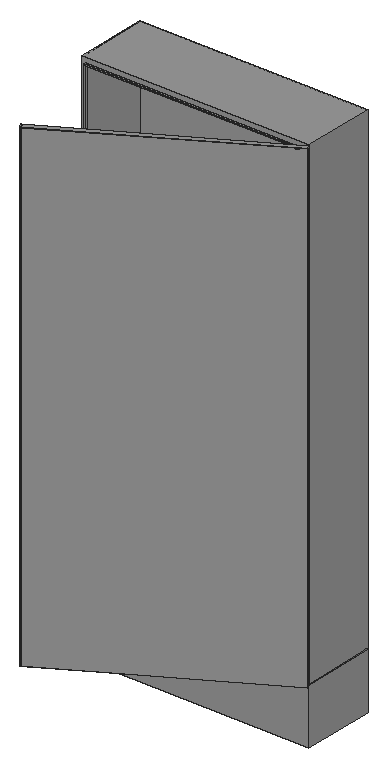
Revit family "Hager-Univers-IP55-D275-H1900-Cl.I-Steel_encl-NoHosted-CH-it", category Electrical Equipment, Revit 2020
Family settings
  Panel Configuration = Two Columns, Circuits Across
  Round Connector Dimension = Use Diameter
  Part Type = Panelboard
  Work Plane-Based = Yes
  Always vertical = Yes
  Cut with Voids When Loaded = No
  Shared = No
  Room Calculation Point = No
Parameters (values of type "montaggio a pavimento IP55 L800 A1900 P275  - FR13E2")
  Width Control [instance] = if([EF000008 - Larghezza] > Min Width, [EF000008 - Larghezza], Min Width)  # 800 mm
  Type Comments = [HG000003 - Gamma]  # "Univers"
  Thickness Door [instance] = if([EF009171 - spessore materiale porta/coperchio] > 3 mm, 3 mm, [EF009171 - spessore materiale porta/coperchio])  # 1.5 mm
  Seal Frame Offset [instance] = 17 mm  # constant formula
  Plinth Visibility [instance] = [HG000027 - Altezza dello zoccolo] > 0 mm  # yes
  Min Width [instance] = 100 mm  # constant formula
  Min Depth [instance] = (2 * [EF009170 - spessore materiale scatola]) + 1 mm  # 4 mm
  Min Height [instance] = 100 mm  # constant formula
  Internal Frame Depth [instance] = (Door System Depth * 0.5)  # 9 mm
  Panel Name [instance] = ""  # (empty or 0)
  Model = ""
  HG000027 - Altezza dello zoccolo = 200 mm
  HG000026 - A pavimento = yes
  HG000024 - Altezza della sezione inferiore = 600 mm
  HG000023 - Custodia a doppia sezione = no
  HG000016 - Visibilità delle porte nella vista 3D [instance] = yes
  HG000015 - Visibilità attraverso la porta [instance] = no
  HG000014 - Porta destra [instance] = yes
  HG000013 - Porta sinistra [instance] = not([HG000014 - Porta destra])  # no
  HG000012 - Angolo di apertura della porta [instance] = 30.00°
  HG000010 - Porte asimmetriche = no
  HG000009 - Porta doppia a battente = no
  HG000006 - Ad incasso = no
  HG000004 - Codice produttore = "FR13E2"
  HG000003 - Gamma = "Univers"
  HG000002 - Con porta = yes
  Frame Offset Bottom [instance] = 10 mm  # constant formula
  Frame Offset [instance] = 15 mm  # constant formula
  EF015940 - Coprire con rilascio di sovrapressione = no
  EF011959 - tipo di protezione (NEMA) = ""
  EF009554 - numero delle aperture per la piastra della flangia = 6
  EF009212 - esecuzione coperchio = "EV000116 - chiuso"
  EF009171 - spessore materiale porta/coperchio = 1.5 mm
  EF009170 - spessore materiale scatola = 1.5 mm
  EF008873 - corrente nominale (In) = 800 A
  EF007800 - adatto per parafulmine = no
  EF006306 - con serratura = no
  EF006244 - coperchio/porta trasparente = no
  EF005474 - grado di protezione (IP) = "EV006420 - IP55"
  EF004464 - tipo di porta = "EV002646 - singolo"
  EF004427 - numero di moduli = 396
  EF004293 - resistenza agli urti = "EV008784 - IK10"
  EF003532 - adatto per uso esterno = no
  EF002950 - Numero moduli DIN = 24
  EF001613 - Integrità del circuito = "EV000494 - senza"
  EF001596 - Attacco Lampada = "EV000179 - acciaio"
  EF001131 - profondità interna = 275 mm
  EF001088 - possibilità di applicazione = yes
  EF000437 - numero di ingressi per conduttori = 6
  EF000339 - tipo di copertura = "EV004216 - porta"
  EF000266 - numero di file = 11
  EF000218 - profondità di incasso = 0 mm
  EF000118 - con piastra di montaggio = no
  EF000116 - numero RAL = "7035"
  EF000049 - profondità = 275 mm
  EF000040 - Altezza = 1900 mm
  EF000008 - Larghezza = 800 mm
  EF000007 - colore = "EV000270 - grigio"
  EF000003 - Tipo di montaggio = "EV012274 - montaggio a pavimento"
  Door System Leaf Tolerance [instance] = 1.5 mm  # constant formula
  Door System Depth [instance] = 18 mm  # constant formula
  Door Height [instance] = Height Control - [HG000027 - Altezza dello zoccolo]  # 1700 mm
  Description = ""
  Default Elevation = 1219.2 mm
  Connector Offset [instance] = Height Control / 2  # 950 mm
  Manufacturer = "Hager"  # constant formula
  Height Control [instance] = if([EF000040 - Altezza] > Min Height, [EF000040 - Altezza], Min Height)  # 1900 mm
  Depth Control [instance] = if([EF000049 - profondità] > Min Depth, [EF000049 - profondità], Min Depth)  # 275 mm
  Bottom Top Plate Trim [instance] = 1.5 mm  # constant formula
  Plinth height Ctrl [instance] = if([HG000027 - Altezza dello zoccolo] > 0 mm, [HG000027 - Altezza dello zoccolo], 12 mm)  # 200 mm
Types (5, lengths in mm): name | Width Control | HG000010 - Porte asimmetriche | HG000009 - Porta doppia a battente | HG000004 - Codice produttore | EF009554 - numero delle aperture per la piastra della flangia | EF004464 - tipo di porta | EF004427 - numero di moduli | EF000437 - numero di ingressi per conduttori | EF000008 - Larghezza
  montaggio a pavimento IP55 L1050 A1900 P275  - FR14E2 | 1050 | yes | yes | "FR14E2" | 8 | "EV003602 - doppio" | 528 | 8 | 1050
  montaggio a pavimento IP55 L1300 A1900 P275  - FR15E2 | 1300 | yes | yes | "FR15E2" | 10 | "EV003602 - doppio" | 660 | 10 | 1300
  montaggio a pavimento IP55 L300 A1900 P275  - FR11E2 | 300 | no | no | "FR11E2" | 2 | "EV002646 - singolo" | 132 | 2 | 300
  montaggio a pavimento IP55 L550 A1900 P275  - FR12E2 | 550 | no | no | "FR12E2" | 4 | "EV002646 - singolo" | 264 | 4 | 550
  montaggio a pavimento IP55 L800 A1900 P275  - FR13E2 | 800 | no | no | "FR13E2" | 6 | "EV002646 - singolo" | 396 | 6 | 800
Reference planes
  plane 1 "Center (Front/Back)": y = 0
  plane 2: z = 0
  plane 3 "Center (Left/Right)": x = 0
  plane 4: y = 0
  plane 5: y = 0
  plane 6: z = 0
  plane 7: x = -400
  plane 8: x = 400
  plane 9: x = 398.5
  plane 10: x = -398.5
  plane 11: z = 200
  plane 12: z = 201.5
  plane 13: y = -275
  plane 14: y = -1.5
  plane 15: x = 0
  plane 16: y = -257
  plane 17: y = -273.5
  plane 18: y = -255.5
  plane 19: x = -383.5
  plane 20: x = 383.5
  plane 21: z = 211.5
  plane 22: x = -383
  plane 23: x = 383
  plane 24: z = 200
  plane 25: z = 1900
  plane 26: z = 1900
  plane 27: z = 1883.5
  plane 28: z = 1898.5
Forms (mm)
  Extrusion 1, solid, material "Hager_Steel_RAL7035_Light_Grey", detail levels medium+fine
    sketch origin (-208.679, -4572, 200) x (-1, 0, 0) y (0, -1, 0)
      loop
        line (191.321, -4315) -> (-608.679, -4315) -> (-608.679, -4572) -> (191.321, -4572) -> (191.321, -4315)
    from 0 to 1700
  Extrusion 2, void
    sketch origin (-350.771, -275, 1219.2) x (1, 0, 0) y (0, 0, 1)
      loop
        line (-47.729, 679.3) -> (-47.729, -1017.7) -> (749.271, -1017.7) -> (749.271, 679.3) -> (-47.729, 679.3)
    from -19.5 to -273.5
  Extrusion 3, void
    sketch origin (-290.084, -257, 1219.2) x (1, 0, 0) y (0, 0, 1)
      loop
        line (-93.416, -1007.7) -> (673.584, -1007.7) -> (673.584, 664.3) -> (-93.416, 664.3) -> (-93.416, -1007.7)
    from 0 to -1.5
  Extrusion 4, solid, material "Hager_Steel_RAL7035_Light_Grey", visible <- "Plinth Visibility", detail levels medium+fine
    sketch origin (0, 0, 0) x (1, 0, 0) y (0, 1, 0)
      loop
        line (-400, 0) -> (-400, -257) -> (400, -257) -> (400, 0) -> (-400, 0)
    from 0 to 200 <- "Plinth height Ctrl"
  Extrusion 5, solid, material "Hager_Steel_RAL7035_Light_Grey", detail levels coarse
    sketch origin (0, 0, 0) x (1, 0, 0) y (0, 1, 0)
      loop
        line (-400, 0) -> (-400, -275) -> (400, -275) -> (400, 0) -> (-400, 0)
    from 0 to 1900 <- "Height Control"
  Sweep 6, void
    path in 3D
      loop
        line (-400, -257, 200) -> (400, -257, 200) -> (400, 0, 200) -> (-400, 0, 200) -> (-400, -257, 200)
    profile origin (-400, -128.5, 200) x (1, 0, 0) y (0, 0, 1)
      loop
        line (0, 0) -> (0, -1.5) -> (1.5, -1.5)
        arc (1.5, -1.5) -> (1.061, -0.439) -> (0, 0) r 1.5
  Extrusion 7, solid, material "Hager_Steel_RAL7035_Light_Grey", detail levels fine
    sketch origin (-400, -257, 200) x (1, 0, 0) y (0, 0, 1)
      loop
        line (16.5, 11.5) -> (783.5, 11.5) -> (783.5, 1683.5) -> (16.5, 1683.5) -> (16.5, 11.5)
      loop
        line (15, 10) -> (785, 10) -> (785, 1685) -> (15, 1685) -> (15, 10)
    from 0 to 9 <- "Internal Frame Depth"
Cuts and joins
  Extrusion 2, Extrusion 3 cuts Extrusion 1
  Sweep 6 cuts Extrusion 4
Lines and regions (mm)
  Masking region 1
    outline origin (0, 0, 0) x (1, 0, 0) y (0, 1, 0)
      loop
        line (-400, 0) -> (-400, -275) -> (400, -275) -> (400, 0) -> (-400, 0)
  Masking region 2, detail levels coarse
    outline origin (-290.084, -257, 1219.2) x (-1, 0, 0) y (0, 0, 1)
      loop
        line (-690.084, -1219.2) -> (109.916, -1219.2) -> (109.916, 680.8) -> (-690.084, 680.8) -> (-690.084, -1219.2)
  Masking region 3, detail levels coarse
    outline origin (0, 0, 0) x (0, 1, 0) y (0, 0, 1)
      loop
        line (0, 0) -> (0, 1900) -> (-275, 1900) -> (-275, 0) -> (0, 0)
  Masking region 4, visible <- "Plinth Visibility", detail levels medium+fine
    outline origin (0, 0, 0) x (0, 1, 0) y (0, 0, 1)
      loop
        line (-1.5, 200) -> (-255.5, 200)
        arc (-255.5, 200) -> (-255.939, 198.939) -> (-257, 198.5) r 1.5
        line (-257, 198.5) -> (-257, 0) -> (0, 0) -> (0, 198.5)
        arc (0, 198.5) -> (-1.061, 198.939) -> (-1.5, 200) r 1.5
  Masking region 5, detail levels medium+fine
    outline origin (0, 0, 594.038) x (0, 1, 0) y (0, 0, 1)
      loop
        line (0, -394.038) -> (0, 1305.962) -> (-257, 1305.962) -> (-257, -394.038) -> (0, -394.038)
  Masking region 6, detail levels medium+fine
    outline origin (-359.7, -257, 1211.883) x (-1, 0, 0) y (0, 0, 1)
      loop
        line (-759.7, -1011.883) -> (40.3, -1011.883) -> (40.3, 688.117) -> (-759.7, 688.117) -> (-759.7, -1011.883)
  Masking region 7, visible <- "Plinth Visibility", detail levels medium+fine
    outline origin (-320.334, -257, 1041.368) x (-1, 0, 0) y (0, 0, 1)
      loop
        line (-720.334, -1041.368) -> (79.666, -1041.368) -> (79.666, -842.868)
        arc (79.666, -842.868) -> (78.606, -842.429) -> (78.166, -841.368) r 1.5
        line (78.166, -841.368) -> (-718.834, -841.368)
        arc (-718.834, -841.368) -> (-719.273, -842.429) -> (-720.334, -842.868) r 1.5
        line (-720.334, -842.868) -> (-720.334, -1041.368)
  sketch lines
    curve 1: line (-400, 0, 200) -> (-400, -257, 200)
    curve 2: line (-400, -257, 200) -> (400, -257, 200)
    curve 3: line (400, 0, 200) -> (-400, 0, 200)
    curve 4: line (400, -257, 200) -> (400, 0, 200)
Dimensions and locks
  locked: plane 1 "Center (Front/Back)" to plane 5
  "EF009170 - spessore materiale scatola": plane 7 to plane 10
  "EF009170 - spessore materiale scatola": plane 8 to plane 9
  equal spacing: plane 7, plane 3 "Center (Left/Right)", plane 8
  "Width Control": plane 7 to plane 8
  "Depth Control": plane 4 to plane 13
  "EF009170 - spessore materiale scatola": plane 4 to plane 14
  "Height Control": plane 25 to level
  "HG000027 - Altezza dello zoccolo": plane 11 to level
  "EF009170 - spessore materiale scatola": plane 12 to plane 11
  "EF009170 - spessore materiale scatola": plane 17 to plane 13
  "EF009170 - spessore materiale scatola": plane 18 to plane 16
  "Frame Offset Bottom": plane 21 to plane 12
  "Frame Offset": plane 10 to plane 19
  "Frame Offset": plane 9 to plane 20
  "Door System Depth": plane 16 to plane 13
  "Seal Frame Offset": plane 7 to plane 22
  "Seal Frame Offset": plane 8 to plane 23
  "EF009170 - spessore materiale scatola": plane 26 to plane 28
  "Frame Offset": plane 28 to plane 27
  "Connector Offset": plane 2 to connector elem
  "Bottom Top Plate Trim": profile plane to Sweep 6 sketch curve
  "Bottom Top Plate Trim": Sweep 6 sketch curve to Sweep 6 sketch curve
  "Plinth height Ctrl": Masking region 4 sketch curve to level
  "Plinth height Ctrl": Masking region 7 sketch curve to level
  "Thickness Door": Extrusion 7 sketch curve to Extrusion 7 sketch curve  (x4)
  "Bottom Top Plate Trim": radius of Sweep 6 sketch curve
  "Bottom Top Plate Trim": radius of Masking region 4 sketch curve  (x2)
  "Bottom Top Plate Trim": radius of Masking region 7 sketch curve  (x2)
  aligned and locked: Extrusion 2 sketch curve to plane 12
  aligned and locked: Extrusion 2 sketch curve to plane 9
  aligned and locked: Extrusion 2 sketch curve to plane 10
  aligned and locked: Extrusion 2 to plane 14
  aligned and locked: Extrusion 1 sketch curve to plane 4
  aligned and locked: plane 8 to Extrusion 1 sketch curve
  aligned and locked: plane 7 to Extrusion 1 sketch curve
  aligned and locked: Extrusion 2 to plane 18
  aligned and locked: Extrusion 3 sketch curve to plane 19
  aligned and locked: plane 20 to Extrusion 3 sketch curve
  aligned and locked: Extrusion 3 to Extrusion 2
  aligned and locked: Extrusion 3 sketch curve to plane 21
  aligned and locked: plane 3 "Center (Left/Right)" to nested 1
  aligned and locked: Extrusion 1 sketch curve to plane 16
  aligned and locked: Extrusion 4 sketch curve to cut or joined group of Extrusion 1, Extrusion 2, Extrusion 3
  aligned and locked: Masking region 1 sketch curve to plane 7
  aligned and locked: Masking region 1 sketch curve to plane 5
  aligned and locked: Masking region 1 sketch curve to plane 8
  aligned and locked: Masking region 2 sketch curve to level
  aligned and locked: level to Masking region 3 sketch curve
  aligned and locked: plane 1 "Center (Front/Back)" to Masking region 3 sketch curve
  aligned and locked: plane 13 to Masking region 3 sketch curve
  aligned and locked: plane 5 to Masking region 4 sketch curve
  aligned and locked: Masking region 2 sketch curve to plane 8
  aligned and locked: Masking region 2 sketch curve to plane 7
  aligned and locked: plane 7 to nested 2
  aligned and locked: nested 2 to plane 5
  aligned and locked: plane 5 to Masking region 5 sketch curve
  aligned and locked: plane 26 to Masking region 5 sketch curve
  aligned and locked: Extrusion 5 sketch curve to plane 8
  aligned and locked: Extrusion 5 sketch curve to plane 7
  aligned and locked: Extrusion 5 sketch curve to plane 5
  aligned and locked: Extrusion 3 sketch curve to plane 27
  aligned and locked: Extrusion 2 sketch curve to plane 28
  aligned and locked: Masking region 2 to plane 25
  aligned and locked: Extrusion 4 to plane 16
  aligned and locked: profile plane to Sweep 6 sketch curve
  aligned and locked: Masking region 5 sketch curve to plane 24
  aligned and locked: level to Masking region 4 sketch curve
  aligned and locked: Masking region 1 to plane 13
  aligned and locked: nested 1 to plane 16
  aligned and locked: Masking region 3 to plane 25
  aligned and locked: plane 16 to Masking region 4 sketch curve
  aligned and locked: Masking region 5 sketch curve to plane 16
  aligned and locked: plane 24 to plane 11
  aligned and locked: plane 26 to plane 25
  aligned and locked: plane 26 to cut or joined group of Extrusion 1, Extrusion 2, Extrusion 3
  aligned and locked: nested 1 to plane 24
  aligned and locked: Extrusion 1 to Extrusion 3
  aligned and locked: Masking region 6 sketch curve to plane 8
  aligned and locked: Masking region 6 sketch curve to plane 24
  aligned and locked: Masking region 6 sketch curve to plane 7
  aligned and locked: Masking region 6 sketch curve to plane 26
  aligned and locked: Masking region 7 sketch curve to plane 7
  aligned and locked: level to Masking region 7 sketch curve
  aligned and locked: Masking region 7 sketch curve to plane 8
  aligned and locked: Extrusion 7 sketch curve to cut or joined group of Extrusion 1, Extrusion 2, Extrusion 3  (x4)
Automatic sketch dimensions
  plane 19 to Extrusion 3 sketch curve = 0 mm
  Extrusion 3 sketch curve to plane 20 = 0 mm
  Extrusion 3 sketch curve to plane 21 = 0 mm
  Extrusion 4 sketch curve to plane 7 = 0 mm
  Extrusion 4 sketch curve to plane 8 = 0 mm
  Extrusion 4 sketch curve to plane 16 = 0 mm
  Masking region 1 sketch curve to plane 13 = 0 mm
  Masking region 2 sketch curve to plane 25 = 0 mm
  Masking region 3 sketch curve to plane 25 = 0 mm
  Extrusion 5 sketch curve to plane 13 = 0 mm
  profile plane to Sweep 6 sketch curve = 0 mm
Nested families
  nested 1: "EC000058_Univers_Door" at (0, -257, 200), Double <- "HG000009 - Porta doppia a battente", Transparent <- "EF006244 - coperchio/porta trasparente", Angle <- "HG000012 - Angolo di apertura della porta", Door_Right <- "HG000014 - Porta destra", Assymetrical <- "HG000010 - Porte asimmetriche", Door <- "HG000002 - Con porta", Width_Ctrl <- "Width Control", 3d_Door <- "HG000016 - Visibilità delle porte nella vista 3D", Clearance <- "HG000015 - Visibilità attraverso la porta", Door_Left <- "HG000013 - Porta sinistra", Width <- "Width Control", Door_Depth <- "Door System Depth", Leaf_Tolerance <- "Door System Leaf Tolerance", Height <- "Door Height", Lock_Visibility <- "EF006306 - con serratura", Thickness <- "Thickness Door", type "EC000058_Univers_Door", detail levels medium+fine
    with min_wh 4 mm, Width_Ctrl 800 mm, Width 800 mm, Transparent no, Thickness 1.5 mm, Seal_Material Hager_Rubber, Lock_Visibility no, Lock_Material Hager_Plastic_RAL9005_Jet_Black, Leaf_Width 800 mm, Leaf_Tolerance_External_Sides 0 mm, Leaf_Tolerance 1.5 mm, Leaf_Offset 0 mm, Leaf_Height 1697 mm, Leaf_2_Width 800 mm, Leaf_2_Offset 400 mm, Leaf_1_Width 800 mm, Leaf_1_Offset 400 mm, Height_Ctrl 1700 mm, Height 1700 mm, Glass_Material Hager_Glass, Double_Clearance_Ctrl no, Double no, Door_Right_Ctrl yes, Door_Right yes, Door_Material Hager_Steel_RAL7035_Light_Grey, Door_Left_Ctrl no, Door_Left no, Door_Depth 18 mm, Door yes, Clearance_Material Hager_Clearance, Clearance_Depth 800 mm, Clearance_Ctrl no, Clearance no, Assymetrical no, Angle 30.00°, 3d_Door yes
  nested 2: "Hager_Enclosure_Symbol" at (-400, 0, 0), Height <- "Depth Control", Width <- "Width Control", type "Hager_Enclosure_Symbol"
    with Width_Ctrl 800 mm, Width 800 mm, Height_Ctrl 275 mm, Height 275 mm, A_Width_Int 18.047 mm, A_Width 216.562 mm, A_Height_Ctrl 240.625 mm, A_Height 240.625 mm
Connectors
  electrical at (0, 0, 950)
    settings: on plane 1 "Center (Front/Back)", index 1, voltage 0 V, apparent load 0 VA, apparent load phase1 0 VA, apparent load phase2 0 VA, apparent load phase3 0 VA, power factor 1, load classification "Other", number of poles 1, system type 30, power factor state 1, is connector primary yes, connector utility no, sub classification motor no, connector description ""
Definition of nested family "EC000058_Univers_Door"
  Parameters (values of type "EC000058_Univers_Door")
    min_wh [instance] = (2 * Thickness) + 1 mm  # 11 mm
    Width_Ctrl [instance] = 400 mm
    Width [instance] = 500 mm
    Transparent [instance] = yes
    Thickness [instance] = 5 mm
    Seal_Material [instance] = none
    Lock_Visibility [instance] = yes
    Lock_Material [instance] = none
    Leaf_Width [instance] = if((Width_Ctrl - 2 * Leaf_Tolerance_External_Sides) > 0 mm, (Width_Ctrl - 2 * Leaf_Tolerance_External_Sides), min_wh)  # 400 mm
    Leaf_Tolerance_External_Sides [instance] = 0 mm  # constant formula
    Leaf_Tolerance [instance] = 1.5 mm
    Leaf_Offset [instance] = 0 mm  # constant formula
    Leaf_Height [instance] = if((Height_Ctrl - 2 * Leaf_Tolerance) > 0 mm, (Height_Ctrl - 2 * Leaf_Tolerance), min_wh)  # 497 mm
    Leaf_2_Width [instance] = if(and(and(Double, Assymetrical), Door_Left), (Leaf_Width / 3) - (Leaf_Tolerance / 2), if(and(and(Double, Assymetrical), Door_Right), (Leaf_Width / 3) * 2 - (Leaf_Tolerance / 2), if(and(Double, not(Assymetrical)), (Leaf_Width / 2) - Leaf_Tolerance, Leaf_Width)))  # 400 mm
    Leaf_2_Offset [instance] = if(and(Double, Assymetrical), Leaf_2_Width / 2, if(and(Double, not(Assymetrical)), Leaf_Width / 4, Leaf_Width / 2))  # 200 mm
    Leaf_1_Width [instance] = if(and(and(Double, Assymetrical), Door_Right), (Leaf_Width / 3) - (Leaf_Tolerance / 2), if(and(and(Double, Assymetrical), Door_Left), (Width / 3) * 2 - (Leaf_Tolerance / 2), if(and(Double, not(Assymetrical)), (Leaf_Width / 2) - Leaf_Tolerance, Leaf_Width)))  # 400 mm
    Leaf_1_Offset [instance] = if(and(Double, Assymetrical), Leaf_1_Width / 2, if(and(Double, not(Assymetrical)), Leaf_Width / 4, Leaf_Width / 2))  # 200 mm
    Height_Ctrl [instance] = if(Height > min_wh, Height, min_wh)  # 500 mm
    Height [instance] = 500 mm
    Glass_Material [instance] = none
    Double_Clearance_Ctrl [instance] = and(Double, Clearance)  # no
    Double [instance] = no
    Door_Right_Ctrl [instance] = and(or(Door_Right, Double), Door)  # yes
    Door_Right [instance] = yes
    Door_Material [instance] = none
    Door_Left_Ctrl [instance] = and(or(Door_Left, Double), Door)  # no
    Door_Left [instance] = no
    Door_Depth [instance] = 30 mm
    Door [instance] = yes
    Default Elevation = 1219.2 mm
    Clearance_Material [instance] = none
    Clearance_Depth [instance] = if(Leaf_1_Width > Leaf_2_Width, Leaf_1_Width, Leaf_2_Width)  # 400 mm
    Clearance_Ctrl [instance] = and(not(Double), Clearance)  # yes
    Clearance [instance] = yes
    Assymetrical [instance] = yes
    Angle [instance] = 30.00°
    3d_Door [instance] = yes
  Reference planes
    plane 1 "Center (Front/Back)": y = 0
    plane 2 "Bottom": z = 0
    plane 3 "Center (Left/Right)": x = 0
    plane 4: z = 500
    plane 5: x = -200
    plane 6: x = 200
    plane 7: z = 500
    plane 8: x = -200
    plane 9: z = 0
    plane 10: x = 200
    plane 11: y = 0
    plane 12: z = 1.5
    plane 13: x = -600
    plane 14: y = -400
    plane 15: x = 600
    plane 16: x = 0
    plane 17: x = 0
    plane 18: x = -200
    plane 19: x = 200
    plane 20: z = 498.5
  Forms (mm)
    Extrusion 1, solid, material <- "Clearance_Material", visible <- "Double_Clearance_Ctrl"
      sketch origin (1200, 0, 0) x (1, 0, 0) y (0, 0, -1)
        loop
          line (-1800, -498.5) -> (-600, -498.5) -> (-600, 0) -> (-1800, 0) -> (-1800, -498.5)
      from 0 to -400
  Dimensions and locks
    equal spacing: plane 5, plane 3 "Center (Left/Right)", plane 6
    "Width_Ctrl": plane 5 to plane 6
    "Leaf_Offset": plane 5 to plane 8
    "Leaf_Offset": plane 6 to plane 10
    "Leaf_Offset": plane 9 to level
    "Leaf_Offset": plane 4 to plane 7
    "Height_Ctrl": plane 4 to level
    "Leaf_Tolerance": plane 12 to plane 9
    locked: plane 11 to plane 1 "Center (Front/Back)"
    "Leaf_1_Offset": plane 18 to plane 16
    "Leaf_2_Offset": plane 17 to plane 19
    "Leaf_1_Width": plane 13 to plane 8
    "Leaf_2_Width": plane 10 to plane 15
    "Clearance_Depth": plane 14 to plane 1 "Center (Front/Back)"
    "Leaf_Tolerance_External_Sides": plane 8 to plane 18
    "Leaf_Tolerance_External_Sides": plane 19 to plane 10
    "Leaf_Tolerance": plane 7 to plane 20
    aligned and locked: level to plane 2 "Bottom"
    aligned and locked: nested 1 to plane 16
    aligned and locked: nested 2 to plane 17
    aligned and locked: Extrusion 1 to plane 13
    aligned and locked: plane 15 to Extrusion 1
    aligned and locked: Extrusion 1 to plane 14
    aligned and locked: plane 12 to nested 1
    aligned and locked: nested 2 to plane 12
    aligned and locked: Extrusion 1 to plane 11
    aligned and locked: plane 20 to Extrusion 1
    aligned and locked: nested 2 to plane 11
    aligned and locked: nested 1 to plane 11
  Automatic sketch dimensions
    Extrusion 1 sketch curve to level = 0 mm
    plane 5 to Extrusion 1 sketch curve = 400 mm
    plane 6 to Extrusion 1 sketch curve = 400 mm
    Extrusion 1 sketch curve to plane 4 = 1.5 mm
  Nested families
    nested 1: "EC000058_Univers_Door_Leaf" at (0, 0, 1.5), Width <- "Leaf_1_Width", visible <- "Door_Left_Ctrl", Leaf_Height <- "Leaf_Height", Angle <- "Angle", 3d_Door <- "3d_Door", Transparent <- "Transparent", Clearance Material <- "Clearance_Material", Clearance <- "Clearance_Ctrl", Door_Material <- "Door_Material", Glass_Material <- "Glass_Material", Door_Depth <- "Door_Depth", Lock_Material <- "Lock_Material", Seal_Material <- "Seal_Material", Lock_Visibility <- "Lock_Visibility", Thickness <- "Thickness", type "EC000058_Univers_Door_Leaf"
      with Width 400 mm, Transparent_Glass_Offset 30 mm, Transparent_Ctrl yes, Transparent yes, Thickness 5 mm, Standard no, Seal_Material none, Seal_D2 8 mm, Seal_D1 1 mm, Offset_Internal_Frame 10 mm, Lock_Width 20 mm, Lock_Visibility_3d yes, Lock_Visibility yes, Lock_Thickness_3 3 mm, Lock_Thickness_2 1 mm, Lock_Thickness_1 3 mm, Lock_Radius_Offset_2 16 mm, Lock_Radius_Offset_1 15 mm, Lock_Radius_2 5 mm, Lock_Radius 6 mm, Lock_Offset 5 mm, Lock_Material none, Lock_Height 80 mm, Lock_Cover_Top_Offset_2d 17 mm, Lock_Cover_Height -65 mm, Leaf_Height 497 mm, Internal_Seal_Thickness 8 mm, Internal_Seal_Depth_2 4.5 mm, Internal_Frame_Depth 25 mm, Glass_Thickness -1 mm, Glass_Offset -2 mm, Glass_Material none, Door_Material none, Door_Depth 30 mm, Clearance Material none, Clearance yes, Angle_Ctrl 30.00°, Angle 30.00°, 3d_Door yes
    nested 2: "EC000058_Univers_Door_Leaf" at (0, 0, 1.5) x (-1, 0, 0) z (0, 0, 1), Width <- "Leaf_2_Width", visible <- "Door_Right_Ctrl", Leaf_Height <- "Leaf_Height", Angle <- "Angle", 3d_Door <- "3d_Door", Transparent <- "Transparent", Clearance Material <- "Clearance_Material", Clearance <- "Clearance_Ctrl", Door_Material <- "Door_Material", Glass_Material <- "Glass_Material", Door_Depth <- "Door_Depth", Lock_Material <- "Lock_Material", Seal_Material <- "Seal_Material", Lock_Visibility <- "Lock_Visibility", Thickness <- "Thickness", type "EC000058_Univers_Door_Leaf"
      with Width 400 mm, Transparent_Glass_Offset 30 mm, Transparent_Ctrl yes, Transparent yes, Thickness 5 mm, Standard no, Seal_Material none, Seal_D2 8 mm, Seal_D1 1 mm, Offset_Internal_Frame 10 mm, Lock_Width 20 mm, Lock_Visibility_3d yes, Lock_Visibility yes, Lock_Thickness_3 3 mm, Lock_Thickness_2 1 mm, Lock_Thickness_1 3 mm, Lock_Radius_Offset_2 16 mm, Lock_Radius_Offset_1 15 mm, Lock_Radius_2 5 mm, Lock_Radius 6 mm, Lock_Offset 5 mm, Lock_Material none, Lock_Height 80 mm, Lock_Cover_Top_Offset_2d 17 mm, Lock_Cover_Height -65 mm, Leaf_Height 497 mm, Internal_Seal_Thickness 8 mm, Internal_Seal_Depth_2 4.5 mm, Internal_Frame_Depth 25 mm, Glass_Thickness -1 mm, Glass_Offset -2 mm, Glass_Material none, Door_Material none, Door_Depth 30 mm, Clearance Material none, Clearance yes, Angle_Ctrl 30.00°, Angle 30.00°, 3d_Door yes
  Definition of nested family "EC000058_Univers_Door_Leaf"
    Parameters (values of type "EC000058_Univers_Door_Leaf")
      Width [instance] = 2000 mm
      Transparent_Glass_Offset [instance] = 30 mm
      Transparent_Ctrl [instance] = and(Transparent, [3d_Door])  # yes
      Transparent [instance] = yes
      Thickness [instance] = 5 mm
      Standard [instance] = and(not(Transparent), [3d_Door])  # no
      Seal_Material [instance] = none
      Seal_D2 [instance] = 8 mm  # constant formula
      Seal_D1 [instance] = 1 mm  # constant formula
      Offset_Internal_Frame [instance] = 10 mm  # constant formula
      Lock_Width [instance] = 20 mm  # constant formula
      Lock_Visibility_3d [instance] = and(Lock_Visibility, [3d_Door])  # yes
      Lock_Visibility [instance] = yes
      Lock_Thickness_3 [instance] = 3 mm  # constant formula
      Lock_Thickness_2 [instance] = 1 mm  # constant formula
      Lock_Thickness_1 [instance] = 3 mm  # constant formula
      Lock_Radius_Offset_2 [instance] = Lock_Radius_Offset_1 + 1 mm  # 16 mm
      Lock_Radius_Offset_1 [instance] = 15 mm  # constant formula
      Lock_Radius_2 [instance] = Lock_Radius - 1 mm  # 5 mm
      Lock_Radius [instance] = 6 mm  # constant formula
      Lock_Offset [instance] = 5 mm  # constant formula
      Lock_Material [instance] = none
      Lock_Height [instance] = 80 mm  # constant formula
      Lock_Cover_Top_Offset_2d [instance] = Lock_Radius_Offset_2 + 1 mm  # 17 mm
      Lock_Cover_Height [instance] = -(Lock_Height - Lock_Radius_Offset_1)  # -65 mm
      Leaf_Height [instance] = 2720.336 mm
      Internal_Seal_Thickness [instance] = 8 mm  # constant formula
      Internal_Seal_Depth_2 [instance] = 4.5 mm  # constant formula
      Internal_Frame_Depth [instance] = if(Door_Depth - Thickness > 5 mm, Door_Depth - Thickness, 5 mm)  # 25 mm
      Glass_Thickness [instance] = if(Thickness > 15 mm, Glass_Offset + 10 mm, -1 mm)  # -1 mm
      Glass_Offset [instance] = if(Thickness > 15 mm, -(Thickness + 10 mm) / 2, -2 mm)  # -2 mm
      Glass_Material [instance] = none
      Door_Material [instance] = none
      Door_Depth [instance] = 30 mm
      Default Elevation = 0 mm
      Clearance Material [instance] = none
      Clearance [instance] = yes
      Angle_Ctrl [instance] = if(Angle > 180.00°, 180.00°, Angle)  # 90.00°
      Angle [instance] = 90.00°
      3d_Door [instance] = yes
    Reference planes
      plane 1 "Center (Front/Back)": y = 0
      plane 2: z = 0
      plane 3 "Center (Left/Right)": x = 0
      plane 4: y = 2000
      plane 5: x = -1000
      plane 6: x = 1000
      plane 7: x = -3000
      plane 8: z = 2720.336
      plane 9: z = 30
      plane 10: z = 2690.336
      plane 11: x = 970
      plane 12: x = -970
      plane 13: y = -3
      plane 14: z = 107.833
      plane 15: y = -5
      plane 16: y = -223.314
      plane 17: x = -1000
      plane 18: z = 1360.168
      plane 19: y = 30
    Forms (mm)
      Extrusion 1, solid, material <- "Clearance Material", visible <- "Clearance"
        sketch origin (0, 0, 0) x (1, 0, 0) y (0, 0, 1)
          loop
            line (-3000, 2720.336) -> (-3000, 0) -> (1000, 0) -> (1000, 2720.336) -> (-3000, 2720.336)
        from 0 to -2000
      Extrusion 2, solid, material <- "Door_Material", visible <- "Standard", detail levels medium+fine
        sketch origin (-1000, 0, 0) x (0, 1, 0) y (-1, 0, 0)
          loop
            line (0, 30) -> (0, 25) -> (2000, 25) -> (2000, 30) -> (0, 30)
        from 0 to 2720.336 <- "Leaf_Height"
      Extrusion 3, solid, material <- "Door_Material", visible <- "Transparent_Ctrl", detail levels medium+fine
        sketch origin (-1000, 0, 0) x (0, 1, 0) y (-1, 0, 0)
          loop
            line (0, 25) -> (2000, 25) -> (2000, 30) -> (0, 30) -> (0, 25)
        from 0 to 2720.336 <- "Leaf_Height"
      Extrusion 4, void
        sketch origin (-1025, 2000, 0) x (0, 1, 0) y (0, 0, -1)
          loop
            line (-30, -2690.336) -> (-30, -30) -> (-1970, -30) -> (-1970, -2690.336) -> (-30, -2690.336)
        from 0 to 5 <- "Thickness"
      Sweep 5, solid, material <- "Seal_Material", visible <- "Transparent_Ctrl", detail levels fine
        path in 3D
          loop
            line (-1025, 30, 30) -> (-1025, 30, 2690.336) -> (-1025, 1970, 2690.336) -> (-1025, 1970, 30) -> (-1025, 30, 30)
        profile origin (-1025, 1000, 30) x (1, 0, 0) y (0, 0, 1)
          loop
            line (0, 0) -> (0, -8) -> (1, -8) -> (1, 0) -> (0, 0)
      Extrusion 6, solid, material <- "Glass_Material", visible <- "Transparent_Ctrl", detail levels medium+fine
        sketch origin (-1030, 0, 0) x (0, 1, 0) y (0, 0, -1)
          loop
            line (1970, -2690.336) -> (1970, -30) -> (30, -30) -> (30, -2690.336) -> (1970, -2690.336)
        from -2 <- "Glass_Offset" to -1 <- "Glass_Thickness"
      Extrusion 7, solid, material <- "Door_Material", visible <- "3d_Door", detail levels medium+fine
        sketch origin (-1025, 2000, 0) x (0, -1, 0) y (0, 0, -1)
          loop
            line (0, -2720.336) -> (2000, -2720.336) -> (2000, 0) -> (0, 0) -> (0, -2720.336)
          loop
            line (1995, -5) -> (5, -5) -> (5, -2715.336) -> (1995, -2715.336) -> (1995, -5)
        from 0 to 25 <- "Internal_Frame_Depth"
      Sweep 8, solid, material <- "Seal_Material", visible <- "Transparent_Ctrl", detail levels fine
        path in 3D
          loop
            line (-1025, 0, 0) -> (-1025, 2000, 0) -> (-1025, 2000, 2720.336) -> (-1025, 0, 2720.336) -> (-1025, 0, 0)
        profile origin (-1025, 0, 1360.168) x (1, 0, 0) y (0, 1, 0)
          loop
            line (0, 10) -> (2.975, 10)
            arc (2.975, 10) -> (4.053, 10.447) -> (4.5, 11.525) r 1.525
            line (4.5, 11.525) -> (4.5, 16.527)
            arc (4.5, 16.527) -> (4.069, 17.569) -> (3.027, 18) r 1.473
            line (3.027, 18) -> (0, 18) -> (0, 10)
      Extrusion 9, solid, material <- "Lock_Material", visible <- "Lock_Visibility_3d", detail levels fine
        sketch origin (-1030, 0, 0) x (0, 1, 0) y (0, 0, -1)
          loop
            arc (1993.5, -1400.168) -> (1994.561, -1399.729) -> (1995, -1398.668) r 1.5
            line (1995, -1398.668) -> (1995, -1320.168) -> (1975, -1320.168) -> (1975, -1398.668)
            arc (1975, -1398.668) -> (1975.439, -1399.729) -> (1976.5, -1400.168) r 1.5
            line (1976.5, -1400.168) -> (1993.5, -1400.168)
        from 3 <- "Lock_Thickness_1" to 0
      Blend 10, solid, material <- "Lock_Material", visible <- "Lock_Visibility_3d", detail levels fine
        base sketch origin (-1033, 0, 0) x (0, 1, 0) y (0, 0, -1)
          loop
            line (1975, -1320.168) -> (1975, -1398.668)
            arc (1975, -1398.668) -> (1975.439, -1399.729) -> (1976.5, -1400.168) r 1.5
            line (1976.5, -1400.168) -> (1993.5, -1400.168)
            arc (1993.5, -1400.168) -> (1994.561, -1399.729) -> (1995, -1398.668) r 1.5
            line (1995, -1398.668) -> (1995, -1320.168) -> (1975, -1320.168)
        top sketch origin (-1033, 0, 0) x (0, 1, 0) y (0, 0, -1)
          loop
            line (1976, -1320.168) -> (1976, -1398.668)
            arc (1976, -1398.668) -> (1976.146, -1399.022) -> (1976.5, -1399.168) r 0.5
            line (1976.5, -1399.168) -> (1993.5, -1399.168)
            arc (1993.5, -1399.168) -> (1993.854, -1399.022) -> (1994, -1398.668) r 0.5
            line (1994, -1398.668) -> (1994, -1320.168) -> (1976, -1320.168)
        from 0 to 1 <- "Lock_Thickness_2"
      Blend 11, solid, material <- "Lock_Material", visible <- "Lock_Visibility_3d", detail levels fine
        base sketch origin (-1034, 0, 0) x (0, 1, 0) y (0, 0, -1)
          loop
            line (1978, -1320.168) -> (1978, -1384.168)
            arc (1978, -1384.168) -> (1985, -1391.168) -> (1992, -1384.168) r 7
            line (1992, -1384.168) -> (1992, -1320.168) -> (1978, -1320.168)
        top sketch origin (-1034, 0, 0) x (0, 1, 0) y (0, 0, -1)
          loop
            line (1991, -1320.168) -> (1979, -1320.168) -> (1979, -1383.168)
            arc (1979, -1383.168) -> (1985, -1389.168) -> (1991, -1383.168) r 6
            line (1991, -1383.168) -> (1991, -1320.168)
        from 0 to 3 <- "Lock_Thickness_3"
      Extrusion 12, solid, material <- "Lock_Material", visible <- "Lock_Visibility_3d", detail levels fine
        sketch origin (-1030, 1975, 1320.168) x (1, 0, 0) y (0, -1, 0)
          loop
            line (-7, -19) -> (-7, -1) -> (0, -1) -> (0, 0) -> (-8, 0) -> (-8, -20) -> (0, -20) -> (0, -19) -> (-7, -19)
        from 0 to -65 <- "Lock_Cover_Height"
      Extrusion 13, void
        sketch origin (-1038, 1995, 1320.168) x (-1, 0, 0) y (0, 0, -1)
          loop
            line (-5, -65) -> (0, -65) -> (-5, -60) -> (-5, -65)
        from 0 to 20 <- "Lock_Width"
      Extrusion 14, void
        sketch origin (-1038, 1975, 1320.168) x (0, -1, 0) y (0, 0, -1)
          loop
            circle (-10, -15.995) r 6
          loop
            circle (-10, -15.995) r 5
        from 0 to 2
      Extrusion 15, solid, material <- "Lock_Material", visible <- "Lock_Visibility_3d", detail levels medium
        sketch origin (-1030, 0, 0) x (0, 1, 0) y (0, 0, -1)
          loop
            arc (1993.5, -1400.168) -> (1994.561, -1399.729) -> (1995, -1398.668) r 1.5
            line (1995, -1398.668) -> (1995, -1320.168) -> (1975, -1320.168) -> (1975, -1398.668)
            arc (1975, -1398.668) -> (1975.439, -1399.729) -> (1976.5, -1400.168) r 1.5
            line (1976.5, -1400.168) -> (1993.5, -1400.168)
        from 8 to 0
    Cuts and joins
      Extrusion 4 cuts Extrusion 3
      Extrusion 13, Extrusion 14 cuts Extrusion 9
      Extrusion 14 cuts Blend 11
      Extrusion 13, Extrusion 14 cuts Extrusion 12
      joined: Extrusion 9, Blend 10, Blend 11, Extrusion 12
      Extrusion 14 cuts Extrusion 15
    Lines and regions (mm)
      Masking region 1, visible <- "Lock_Visibility", detail levels fine
        outline origin (0, 0, 0) x (0, 1, 0) y (0, 0, 1)
          loop
            line (30, 1320.168) -> (33, 1320.168) -> (33, 1400.168) -> (30, 1400.168) -> (30, 1320.168)
      Masking region 2, visible <- "Lock_Visibility", detail levels fine
        outline origin (0, 3.143, 0) x (0, 1, 0) y (0, 0, 1)
          loop
            line (29.857, 1354.168) -> (30.857, 1354.168) -> (30.857, 1366.168) -> (29.857, 1366.168) -> (29.857, 1354.168)
      Masking region 3, detail levels medium+fine
        outline origin (0, 0, 0) x (0, 1, 0) y (0, 0, 1)
          loop
            line (0, 0) -> (30, 0) -> (30, 2720.336) -> (0, 2720.336) -> (0, 0)
      Masking region 4, detail levels medium+fine
        outline origin (0, 0, 0) x (1, 0, 0) y (0, 0, 1)
          loop
            line (-1000, 2720.336) -> (-1000, 0) -> (1000, 0) -> (1000, 2720.336) -> (-1000, 2720.336)
      Masking region 5, visible <- "Lock_Visibility", detail levels fine
        outline origin (-47.116, 0, 0) x (1, 0, 0) y (0, 0, 1)
          loop
            arc (1024.616, 1399.168) -> (1023.556, 1398.729) -> (1023.116, 1397.668) r 1.5
            line (1023.116, 1397.668) -> (1023.116, 1320.168) -> (1041.116, 1320.168) -> (1041.116, 1397.668)
            arc (1041.116, 1397.668) -> (1040.677, 1398.729) -> (1039.616, 1399.168) r 1.5
            line (1039.616, 1399.168) -> (1024.616, 1399.168)
      Masking region 6, visible <- "Lock_Visibility", detail levels medium+fine
        outline origin (-25, 0, 0) x (1, 0, 0) y (0, 0, 1)
          loop
            arc (1001.5, 1400.168) -> (1000.439, 1399.729) -> (1000, 1398.668) r 1.5
            line (1000, 1398.668) -> (1000, 1320.168) -> (1020, 1320.168) -> (1020, 1398.668)
            arc (1020, 1398.668) -> (1019.561, 1399.729) -> (1018.5, 1400.168) r 1.5
            line (1018.5, 1400.168) -> (1001.5, 1400.168)
      Masking region 7, visible <- "Lock_Visibility", detail levels fine
        outline origin (-73.735, 0, 0) x (1, 0, 0) y (0, 0, 1)
          loop
            line (1051.735, 1382.168) -> (1065.735, 1382.168) -> (1065.735, 1384.168)
            arc (1065.735, 1384.168) -> (1058.735, 1391.168) -> (1051.735, 1384.168) r 7
            line (1051.735, 1384.168) -> (1051.735, 1382.168)
      Masking region 8, visible <- "Lock_Visibility", detail levels fine
        outline origin (-73.735, 0, 0) x (1, 0, 0) y (0, 0, 1)
          loop
            line (1052.735, 1382.168) -> (1064.735, 1382.168) -> (1064.735, 1383.168)
            arc (1064.735, 1383.168) -> (1058.735, 1389.168) -> (1052.735, 1383.168) r 6
            line (1052.735, 1383.168) -> (1052.735, 1382.168)
      Masking region 9, visible <- "Lock_Visibility", detail levels fine
        outline origin (-25, 0, 0) x (1, 0, 0) y (0, 0, 1)
          loop
            line (1020, 1320.168) -> (1020, 1382.168) -> (1000, 1382.168) -> (1000, 1320.168) -> (1020, 1320.168)
      Masking region 10, detail levels medium+fine
        outline origin (0, 0, 0) x (1, 0, 0) y (0, 0, 1)
          loop
            circle (985, 1335.144) r 6
      Masking region 11, detail levels fine
        outline origin (0, 0, 0) x (1, 0, 0) y (0, 0, 1)
          loop
            circle (985, 1335.144) r 5
      Masking region 12, visible <- "Lock_Visibility", detail levels fine
        outline origin (0, 12.767, 0) x (0, 1, 0) y (0, 0, 1)
          loop
            line (20.233, 1320.168) -> (21.233, 1320.168) -> (21.233, 1399.168) -> (20.233, 1400.168) -> (20.233, 1320.168)
      Masking region 13, visible <- "Lock_Visibility", detail levels fine
        outline origin (0, 13.767, -10) x (0, 1, 0) y (0, 0, 1)
          loop
            line (20.233, 1330.168) -> (23.233, 1330.168) -> (23.233, 1399.168) -> (20.233, 1402.168) -> (20.233, 1330.168)
      Masking region 14, visible <- "Lock_Visibility", detail levels fine
        outline origin (0, 12.767, -10) x (0, 1, 0) y (0, 0, 1)
          loop
            line (20.233, 1330.168) -> (25.233, 1330.168) -> (25.233, 1399.305) -> (20.233, 1394.305) -> (20.233, 1330.168)
      Masking region 15, visible <- "Lock_Visibility", detail levels medium
        outline origin (0, 0, 0) x (0, 1, 0) y (0, 0, 1)
          loop
            line (30, 1320.168) -> (38, 1320.168) -> (38, 1400.168) -> (30, 1400.168) -> (30, 1320.168)
      Masking region 16, visible <- "Lock_Visibility", detail levels fine
        outline origin (-1000, 0, 0) x (0, 1, 0) y (-1, 0, 0)
          loop
            line (1975, 30) -> (1995, 30) -> (1995, 38) -> (1975, 38) -> (1975, 30)
          loop
            line (1979, 37) -> (1976, 37) -> (1976, 34) -> (1978, 34) -> (1979, 37)
          loop
            line (1994, 37) -> (1991, 37) -> (1992, 34) -> (1994, 34) -> (1994, 37)
      Masking region 17, visible <- "Lock_Visibility", detail levels medium
        outline origin (-1000, 0, 0) x (0, 1, 0) y (-1, 0, 0)
          loop
            line (1975, 30) -> (1995, 30) -> (1995, 38) -> (1975, 38) -> (1975, 30)
      symbolic lines
        curve 1: line (1000, 0, 0) -> (-3000, 0, 0)
        curve 2: arc (1000, 0, 0) -> (-1000, 2000, 0) -> (-3000, 0, 0) r 2000
        curve 4: line (-1030, 0, 0) -> (-1030, 2000, 0)
      reference lines
        curve 3: line (-1000, 0, 0) -> (-1000, 2000, 0)
      symbolic lines, detail levels medium+fine
        curve 5: line (-1030, 2000, 0) -> (-1025, 2000, 0)
        curve 7: line (-1025, 0, 0) -> (-1030, 0, 0)
        curve 8: line (-1025, 0, 0) -> (-1000, 0, 0)
        curve 9: line (-1000, 0, 0) -> (-1000, 2000, 0)
        curve 10: line (-1000, 2000, 0) -> (-1025, 2000, 0)
      symbolic lines, detail levels fine
        curve 6: line (-1025, 2000, 0) -> (-1025, 0, 0)
      sketch lines
        curve 11: line (-1025, 0, 2720.336) -> (-1025, 0, 0)
        curve 12: line (-1025, 2000, 0) -> (-1025, 0, 0)
        curve 13: line (-1025, 2000, 2720.336) -> (-1025, 2000, 0)
        curve 14: line (-1025, 0, 2720.336) -> (-1025, 2000, 2720.336)
        curve 15: line (-1025, 1970, 30) -> (-1025, 30, 30)
        curve 16: line (-1025, 30, 30) -> (-1025, 30, 2690.336)
        curve 17: line (-1025, 1970, 2690.336) -> (-1025, 1970, 30)
        curve 18: line (-1025, 30, 2690.336) -> (-1025, 1970, 2690.336)
      symbolic lines, visible <- "Transparent", detail levels medium+fine
        curve 19: line (-970, 0, 2690.336) -> (970, 0, 2690.336)
        curve 20: line (-970, 0, 30) -> (-970, 0, 2690.336)
        curve 21: line (970, 0, 30) -> (-970, 0, 30)
        curve 22: line (970, 0, 2690.336) -> (970, 0, 30)
    Dimensions and locks
      "Width": plane 1 "Center (Front/Back)" to plane 4
      equal spacing: plane 5, plane 3 "Center (Left/Right)", plane 6
      "Width": plane 5 to plane 6
      "Width": plane 7 to plane 5
      "Leaf_Height": plane 8 to level
      "Width": curve 5 to curve 3
      "Width": curve 3 to curve 3
      plane 8 to plane 10 = 30 mm
      plane 9 to level = 30 mm
      plane 12 to plane 5 = 30 mm
      plane 6 to plane 11 = 30 mm
      Extrusion 1 to Extrusion 4 sketch curve = 30 mm
      "Transparent_Glass_Offset": curve 3 to Extrusion 4 sketch curve
      "Transparent_Glass_Offset": Extrusion 4 sketch curve to cut or joined group of Extrusion 3, Extrusion 4  (x2)
      cut or joined group of Extrusion 3, Extrusion 4 to Extrusion 6 sketch curve = 30 mm
      "Transparent_Glass_Offset": cut or joined group of Extrusion 3, Extrusion 4 to Extrusion 4 sketch curve
      "Thickness": curve 6 to curve 4
      "Thickness": Extrusion 7 sketch curve to Extrusion 7 sketch curve  (x4)
      "Door_Depth": curve 4 to curve 3
      "Offset_Internal_Frame": profile plane to Sweep 8 sketch curve
      "Internal_Seal_Thickness": Sweep 8 sketch curve to Sweep 8 sketch curve
      "Internal_Seal_Depth_2": profile plane to Sweep 8 sketch curve
      "Seal_D1": profile plane to Sweep 5 sketch curve
      "Seal_D2": profile plane to Sweep 5 sketch curve
      "Thickness": Extrusion 2 sketch curve to Extrusion 2 sketch curve
      equal spacing: Extrusion 9 sketch curve, plane 18, Extrusion 9 sketch curve  (x2)
      equal spacing: Masking region 1 sketch curve, plane 18, Masking region 1 sketch curve
      "Lock_Height": Masking region 1 sketch curve to Masking region 1 sketch curve
      "Lock_Radius": Masking region 2 sketch curve to plane 18 to Masking region 2 sketch curve
      Masking region 2 sketch curve to Masking region 1 = 1 mm
      "Door_Depth": plane 19 to plane 1 "Center (Front/Back)"
      "Lock_Thickness_1": Masking region 1 sketch curve to plane 19
      "Lock_Width": Extrusion 9 sketch curve to Extrusion 9 sketch curve
      "Lock_Height": Extrusion 9 sketch curve to Extrusion 9 sketch curve
      "Lock_Offset": cut or joined group of Extrusion 3, Extrusion 4 to Extrusion 9 sketch curve
      equal spacing: plane 8, plane 18, level
      "Lock_Radius_Offset_1": Blend 11 sketch curve to Blend 10
      locked: Blend 10 to Blend 11 sketch curve at 2  (x2)
      locked: var sketch to Blend 11 sketch curve at 1  (x2)
      "Lock_Radius_Offset_2": Blend 11 sketch curve to Blend 10
      locked: Extrusion 12 sketch curve to Extrusion 12 sketch curve at 1  (x3)
      Masking region 6 sketch curve to Masking region 6 sketch curve = 80 mm
      "Lock_Height": Masking region 6 sketch curve to Masking region 6 sketch curve
      "Lock_Width": Masking region 6 sketch curve to Masking region 6 sketch curve
      locked: Masking region 6 to Masking region 5 sketch curve at 1  (x3)
      locked: Masking region 5 to Masking region 7 sketch curve at 2  (x2)
      "Lock_Radius_Offset_1": Masking region 5 to Masking region 7 sketch curve
      "Lock_Radius_Offset_2": Masking region 5 to Masking region 8 sketch curve
      locked: Masking region 7 to Masking region 8 sketch curve at 1  (x2)
      "Lock_Cover_Top_Offset_2d": Masking region 5 to Masking region 9 sketch curve
      equal spacing: Masking region 9, Masking region 10 sketch curve, Masking region 9
      equal spacing: Masking region 9, Masking region 11 sketch curve, Masking region 9
      Extrusion 15 sketch curve to Extrusion 15 sketch curve = 80 mm
      "Lock_Width": Extrusion 15 sketch curve to Extrusion 15 sketch curve
      "Lock_Height": Extrusion 15 sketch curve to Extrusion 15 sketch curve
      equal spacing: Extrusion 15 sketch curve, plane 18, Extrusion 15 sketch curve
      "Lock_Thickness_3": Masking region 13 sketch curve to Masking region 13 sketch curve
      "Lock_Height": Masking region 12 sketch curve to Masking region 12 sketch curve
      locked: Masking region 13 sketch curve to Masking region 1 at 8
      locked: Masking region 14 sketch curve to Masking region 13 at 1
      locked: Masking region 14 sketch curve to Masking region 1 at 10.863
      "Lock_Height": Masking region 15 sketch curve to Masking region 15 sketch curve
      "Lock_Offset": Extrusion 15 sketch curve to cut or joined group of Extrusion 3, Extrusion 4
      "Lock_Offset": plane 6 to Masking region 6 sketch curve
      radius of Sweep 8 sketch curve = 1.525 mm
      radius of Sweep 8 sketch curve = 1.473 mm
      radius of Extrusion 9 sketch curve = 1.5 mm  (x2)
      "Lock_Radius": radius of Extrusion 14 sketch curve
      "Lock_Radius_2": radius of Extrusion 14 sketch curve
      "Lock_Radius": radius of Masking region 10 sketch curve
      "Lock_Radius_2": radius of Masking region 11 sketch curve
      radius of Extrusion 15 sketch curve = 1.5 mm  (x2)
      "Angle_Ctrl": angle plane 1 "Center (Front/Back)" to curve 3
      locked: Masking region 12 sketch curve to Masking region 12 sketch curve (angle 45.00°)
      locked: Masking region 13 sketch curve to Masking region 13 sketch curve (angle 45.00°)
      locked: Masking region 14 sketch curve to Masking region 14 sketch curve (angle 45.00°)
      aligned and locked: level to plane 2
      aligned and locked: Extrusion 1 to curve 1
      aligned and locked: plane 6 to Extrusion 1
      aligned and locked: Extrusion 1 to plane 1 "Center (Front/Back)"
      aligned and locked: plane 4 to Extrusion 1
      aligned and locked: plane 8 to Extrusion 1
      aligned and locked: curve 7 to Extrusion 2 sketch curve
      aligned and locked: curve 5 to Extrusion 2 sketch curve
      aligned and locked: curve 7 to Extrusion 3 sketch curve
      aligned and locked: Extrusion 3 sketch curve to curve 4
      aligned and locked: Extrusion 3 sketch curve to curve 6
      aligned and locked: Extrusion 3 sketch curve to curve 5
      aligned and locked: curve 9 to curve 3
      aligned and locked: Extrusion 7 sketch curve to cut or joined group of Extrusion 3, Extrusion 4  (x4)
      aligned and locked: plane 17 to curve 3
      aligned and locked: plane 1 "Center (Front/Back)" to curve 3
      aligned and locked: plane 17 to plane 5
      aligned and locked: Sweep 8 sketch curve to profile plane
      aligned and locked: Sweep 5 sketch curve to profile plane  (x2)
      aligned and locked: Masking region 1 to Masking region 2 sketch curve
      aligned and locked: plane 19 to Masking region 1 sketch curve
      aligned and locked: plane 1 "Center (Front/Back)" to Masking region 3 sketch curve
      aligned and locked: plane 19 to Masking region 3 sketch curve
      aligned and locked: level to Masking region 3 sketch curve
      aligned and locked: Masking region 3 sketch curve to plane 8
      aligned and locked: plane 17 to Masking region 4 sketch curve
      aligned and locked: level to Masking region 4 sketch curve
      aligned and locked: Masking region 4 sketch curve to plane 8
      aligned and locked: plane 12 to curve 20
      aligned and locked: plane 10 to curve 19
      aligned and locked: plane 11 to curve 22
      aligned and locked: curve 21 to plane 9
      aligned and locked: Extrusion 2 sketch curve to cut or joined group of Extrusion 3, Extrusion 4
      aligned and locked: Blend 10 sketch curve to Extrusion 9  (x4)
      aligned and locked: Extrusion 9 to Blend 10 sketch curve
      aligned and locked: Blend 10 to Blend 11 sketch curve
      aligned and locked: Extrusion 12 sketch curve to Blend 11
      aligned and locked: Extrusion 12 sketch curve to Extrusion 9  (x4)
      aligned and locked: Masking region 5 sketch curve to Masking region 6
      aligned and locked: Masking region 9 sketch curve to Masking region 6  (x3)
      aligned and locked: Masking region 12 sketch curve to Masking region 1
      aligned and locked: Masking region 13 sketch curve to Masking region 1
      aligned and locked: Masking region 12 to Masking region 14
      aligned and locked: Masking region 14 sketch curve to Masking region 1
      aligned and locked: Masking region 15 sketch curve to Masking region 14
      aligned and locked: Masking region 13 sketch curve to Masking region 12
      aligned and locked: Masking region 16 sketch curve to cut or joined group of Extrusion 14, Extrusion 15  (x4)
      aligned and locked: Masking region 16 sketch curve to cut or joined group of Extrusion 9, Blend 10, Blend 11, Extrusion 12, Extrusion 13, Extrusion 14  (x6)
      aligned and locked: cut or joined group of Extrusion 9, Blend 10, Blend 11, Extrusion 12, Extrusion 13, Extrusion 14 to Masking region 16 sketch curve
      aligned and locked: Masking region 17 sketch curve to cut or joined group of Extrusion 14, Extrusion 15  (x3)
      aligned and locked: Masking region 17 sketch curve to cut or joined group of Extrusion 9, Blend 10, Blend 11, Extrusion 12, Extrusion 13, Extrusion 14
      aligned and locked: Masking region 9 to Masking region 8 sketch curve
      aligned and locked: Masking region 9 to Masking region 7 sketch curve
    Automatic sketch dimensions
      plane 1 "Center (Front/Back)" to curve 2 = 0 mm
      curve 2 to plane 5 = 0 mm
      Extrusion 1 sketch curve to level = 0 mm
      Extrusion 1 sketch curve to plane 7 = 0 mm
      Extrusion 1 sketch curve to plane 6 = 0 mm
      Extrusion 1 sketch curve to plane 8 = 0 mm
      Extrusion 3 to Extrusion 6 sketch curve = 30 mm  (x4)
      Masking region 4 sketch curve to plane 6 = 0 mm
      Blend 10 sketch curve to Extrusion 9 = 1.5 mm
      Blend 10 sketch curve to Extrusion 9 = 1 mm
      Extrusion 13 sketch curve to Extrusion 12 = 0 mm  (x2)
      Extrusion 12 to Extrusion 13 sketch curve = 3 mm
      Extrusion 13 sketch curve to Extrusion 12 = 5 mm
      Extrusion 14 sketch curve to Extrusion 14 sketch curve = 0 mm  (x2)
      Extrusion 14 sketch curve to Extrusion 12 = 10 mm
      Extrusion 14 sketch curve to Extrusion 12 = 15.995 mm
      Masking region 5 sketch curve to Masking region 5 sketch curve = 1.5 mm  (x2)
      Masking region 10 sketch curve to plane 18 = 25.024 mm
      Masking region 11 sketch curve to plane 18 = 25.024 mm
      plane 19 to Masking region 14 sketch curve = 3 mm
      Masking region 16 sketch curve to Masking region 16 sketch curve = 3 mm
      curve 4 to curve 3 = 0 mm
      Blend 10 to Blend 11 sketch curve = 0 mm
      Masking region 6 sketch curve to Masking region 6 sketch curve = 1.5 mm  (x2)
      Masking region 6 sketch curve to plane 18 = 40 mm
      plane 19 to Masking region 12 sketch curve = 3 mm
      Masking region 12 sketch curve to Masking region 12 sketch curve = 1 mm
      Masking region 15 sketch curve to plane 19 = 0 mm
      Masking region 15 sketch curve to plane 18 = 40 mm
      radius of Blend 10 sketch curve to Extrusion 9 = 1 mm
Definition of nested family "Hager_Enclosure_Symbol"
  Parameters (values of type "Hager_Enclosure_Symbol")
    Width_Ctrl [instance] = if(Width > 1 mm, Width, 1 mm)  # 102.27 mm
    Width [instance] = 102.27 mm
    Height_Ctrl [instance] = if(Height > 1 mm, Height, 1 mm)  # 66.5 mm
    A_Width_Int [instance] = if(A_Width / 12 > 2 mm, A_Width / 12, 2 mm)  # 4.364 mm
    A_Width [instance] = if(A_Height_Ctrl * 0.9 > 2 mm, A_Height_Ctrl * 0.9, 2 mm)  # 52.369 mm
    A_Height_Ctrl [instance] = if(A_Height > 2 mm, A_Height, 2 mm)  # 58.188 mm
    Height [instance] = 66.5 mm
    A_Height [instance] = Height - (Height / 8)  # 58.188 mm
  Reference planes
    plane 1 "Centre (avant/arrière)": y = 0
    plane 2: z = 0
    plane 3 "Centre (gauche/droite)": x = 0
    plane 4: x = 52.369
    plane 5: y = 33.042
    plane 6: y = 41.77
    plane 7: y = 66.5
    plane 8: x = 26.184
    plane 9: y = 37.406
    plane 10: x = 102.27
    plane 11: y = 66.5
    plane 12: y = 8.313
  Lines and regions (mm)
    Filled region 1, type "Solid_Black", in view "Niveau de réf."
      outline origin (0, 0, 0) x (1, 0, 0) y (0, 1, 0)
        loop
          line (52.369, 66.5) -> (33.188, 54.536) -> (45.365, 45.006) -> (52.369, 66.5)
    Filled region 2, type "Solid_Black", in view "Niveau de réf."
      outline origin (0, 0, 0) x (1, 0, 0) y (0, 1, 0)
        loop
          line (0, 0) -> (102.27, 0) -> (102.27, 66.5) -> (0, 0)
    detail lines, in view "Niveau de réf."
      curve 1: line (0, 8.313, 0) -> (26.184, 41.77, 0)
      curve 2: line (26.184, 41.77, 0) -> (26.184, 33.042, 0)
      curve 3: line (26.184, 33.042, 0) -> (52.369, 66.5, 0)
  Dimensions and locks
    "A_Width": plane 3 "Centre (gauche/droite)" to plane 4
    equal spacing: plane 3 "Centre (gauche/droite)", plane 8, plane 4
    equal spacing: plane 6, plane 9, plane 5
    equal spacing: curve 3, Filled region 1 sketch curve, Filled region 1 sketch curve
    "Height_Ctrl": plane 1 "Centre (avant/arrière)" to plane 11
    "A_Height_Ctrl": plane 11 to plane 12
    equal spacing: plane 11, plane 9, plane 12
    "A_Width_Int": plane 6 to plane 9
    "Width_Ctrl": plane 3 "Centre (gauche/droite)" to plane 10
    angle Filled region 1 sketch curve to curve 3 = 20.00°
    angle curve 3 to Filled region 1 sketch curve = 20.00°
    locked: curve 3 to Filled region 1 sketch curve (angle 90.00°)
    aligned and locked: plane 10 to Filled region 2
    aligned and locked: plane 11 to Filled region 2 sketch curve
    aligned and locked: plane 10 to Filled region 2 sketch curve
    aligned and locked: plane 3 "Centre (gauche/droite)" to curve 1
    aligned and locked: plane 12 to curve 1
    aligned and locked: plane 7 to plane 11
  Automatic sketch dimensions
    Filled region 1 sketch curve to plane 4 = 0 mm
    Filled region 1 sketch curve to plane 7 = 0 mm
    plane 1 "Centre (avant/arrière)" to Filled region 2 sketch curve = 0 mm
    Filled region 2 sketch curve to plane 3 "Centre (gauche/droite)" = 0 mm
    curve 2 to plane 6 = 0 mm
    curve 2 to plane 8 = 0 mm
    curve 3 to plane 4 = 0 mm
    curve 2 to plane 5 = 0 mm
    curve 3 to plane 7 = 0 mm
